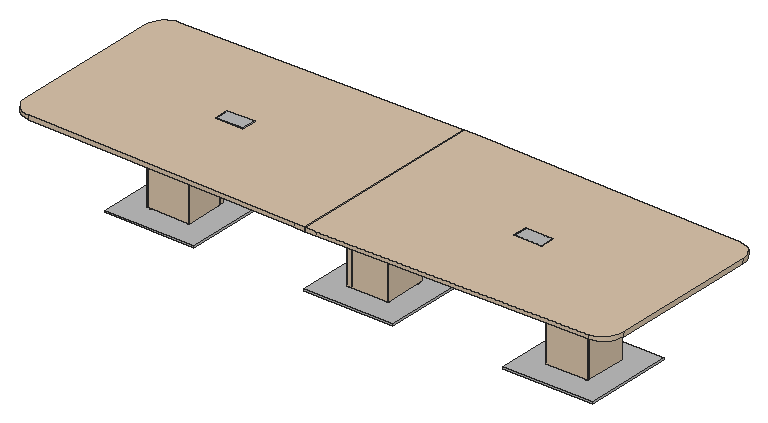
Revit family "Haworth_Planes_ColumnBaseConferenceTable_HexagonTwoPiece", category Furniture Systems, Revit 2018
Family settings
  Round Connector Dimension = Use Diameter
  Part Type = Normal
  OmniClass Number = 23.40.70.14.64.21
  OmniClass Title = Systems Furniture
  Work Plane-Based = No
  Always vertical = Yes
  Cut with Voids When Loaded = No
  Shared = No
  Room Calculation Point = No
Parameters (values of type "180w 60d")
  Worksurface Finish [instance] = Haworth _ Laminate _ Maple H-AE
  Worksurface Edge Finish [instance] = Haworth _ Laminate _ Maple H-AE
  Width = 180"
  Warranty = "http://www.haworth.com/resources/product-info/warranties"
  URL - Product = "http://www.haworth.com/products/tables/conference/planes"
  Trim Finish = Haworth _ Laminate _ Maple H-AE
  Sustainability Info = "http://media.haworth.com/asset/5175/Planes%20tables%20PEDS.pdf"
  Support Side Offset = 30"  # constant formula
  Opening Single Wide = no
  Opening Single = not(or(Opening Single Wide, Opening Double, Opening Double Wide))  # yes
  Opening Left/Right = not(Opening Center)  # no
  Opening Double Wide = no
  Opening Double = no
  Opening Center = yes
  Model = "TARX"  # constant formula
  Min. Depth = 42"  # constant formula
  Middle Leg Control = Actual Width > 168"  # yes
  Max. Depth = 60"  # constant formula
  URL = "www.haworth.com"
  Support Height = Actual Height - Table Thickness  # 27 13/16"
  Size = "Verify Final Dim. w/ Haworth"  # constant formula
  Revision Number = "1"  # constant formula
  Min/Max Width = "126-180 @ 6 in. increments"  # constant formula
  Standard Height = "21, 29, 41 in."  # constant formula
  Min. Width = 126"  # constant formula
  Max. Width = 180"  # constant formula
  Min. Height = 21"  # constant formula
  Max. Height = 41"  # constant formula
  Manufacturer = "Haworth"  # constant formula
  Knife Edge = not(Edgeband)  # no
  Height = 29"
  Fliptop Width = Cutout Width + 1/4"  # 8 1/4"
  Fliptop Side Vis. = and(Flip Top, [Opening Left/Right])  # no
  Fliptop Depth = Cutout Depth + 3/8"  # 4 3/8"
  Fliptop Center Vis. = and(Flip Top, Opening Center)  # yes
  Flip Top Finish = Haworth _ Paint _ Metallic Champagne
  Flip Top = yes
  Edgeband = yes
  Description = "Haworth - Planes - Column Base Conference Table - Hexagon - Two-Piece"  # constant formula
  Depth = 60"
  Cutout Width = if(or(Opening Single Wide, Opening Double Wide), 11", 8")  # 8"
  Cutout Side Offset = Actual Width / 8  # 22 1/2"
  Cutout Depth = if(or(Opening Double, Opening Double Wide), 7 11/16", 4")  # 4"
  Cutout Center Offset = Actual Width / 4  # 45"
  Cutout = yes
  Custom Size = not(and(or(Depth = 42", Depth = 48", Depth = 54", Depth = 60"), or(Width = 126", Width = 132", Width = 138", Width = 144", Width = 150", Width = 156", Width = 162", Width = 168", Width = 174", Width = 180")))  # no
  Base Finish = Haworth _ Paint _ Metallic Champagne
  Author = "Haworth (Alias)"  # constant formula
  Assembly Code = "E2020200"
  Actual Width = if(Width > Max. Width, Max. Width, if(Width < Min. Width, Min. Width, Width))  # 180"
  Actual Height = if(Height > Max. Height, Max. Height, if(Height < Min. Height, Min. Height, Height))  # 29"
  Table Thickness = 1 3/16"  # constant formula
  Standard Depths = "42, 48, 54, 60 in."  # constant formula
  Actual Depth = if(Depth > Max. Depth, Max. Depth, if(Depth < Min. Depth, Min. Depth, Depth))  # 60"
Reference planes (in)
  plane 1 "Center F/B": y = -0.15866
  plane 2 "Floor": z = 0
  plane 3 "Center L/R": x = 0
  plane 4 "Table Edge Left": x = -90
  plane 5 "Table Edge Right": x = 90
  plane 6 "Table Edge Back": y = -30.15866
  plane 7 "Table Edge Front": y = 29.84134
  plane 8 "Table TOp": z = 29
  plane 9 "Fliptop Left 2": x = -22.5
  plane 10 "Fliptop Center 1": x = -45
  plane 11 "Fliptop Left 1": x = -67.5
  plane 12 "Fliptop Right 2": x = 22.5
  plane 13 "Fliptop Center 2": x = 45
  plane 14 "Fliptop Right 1": x = 67.5
  plane 15 "Base Right": x = 60
  plane 16 "Base Left": x = -60
Dimensions and locks (in)
  "Actual Depth": plane 7 "Table Edge Front" to plane 6 "Table Edge Back"
  "Actual Width": plane 4 "Table Edge Left" to plane 5 "Table Edge Right"
  equal spacing: plane 4 "Table Edge Left", plane 3 "Center L/R", plane 5 "Table Edge Right"
  equal spacing: plane 7 "Table Edge Front", plane 1 "Center F/B", plane 6 "Table Edge Back"
  "Actual Height": plane 8 "Table TOp" to level
  "Cutout Side Offset": plane 9 "Fliptop Left 2" to plane 3 "Center L/R"
  "Cutout Side Offset": plane 3 "Center L/R" to plane 12 "Fliptop Right 2"
  "Cutout Side Offset": plane 14 "Fliptop Right 1" to plane 5 "Table Edge Right"
  "Cutout Side Offset": plane 4 "Table Edge Left" to plane 11 "Fliptop Left 1"
  "Cutout Center Offset": plane 10 "Fliptop Center 1" to plane 3 "Center L/R"
  "Cutout Center Offset": plane 3 "Center L/R" to plane 13 "Fliptop Center 2"
  "Support Side Offset": plane 15 "Base Right" to plane 5 "Table Edge Right"
  "Support Side Offset": plane 4 "Table Edge Left" to plane 16 "Base Left"
  aligned and locked: plane 2 "Floor" to nested 1
  aligned and locked: plane 3 "Center L/R" to nested 1
  aligned and locked: plane 1 "Center F/B" to nested 1
  aligned and locked: plane 11 "Fliptop Left 1" to nested 5
  aligned and locked: plane 1 "Center F/B" to nested 5
  aligned and locked: plane 1 "Center F/B" to nested 4
  aligned and locked: plane 1 "Center F/B" to nested 3
  aligned and locked: plane 1 "Center F/B" to nested 6
  aligned and locked: plane 1 "Center F/B" to nested 2
  aligned and locked: plane 1 "Center F/B" to nested 7
  aligned and locked: plane 10 "Fliptop Center 1" to nested 7
  aligned and locked: plane 13 "Fliptop Center 2" to nested 6
  aligned and locked: plane 14 "Fliptop Right 1" to nested 2
  aligned and locked: plane 12 "Fliptop Right 2" to nested 3
  aligned and locked: plane 9 "Fliptop Left 2" to nested 4
  aligned and locked: plane 2 "Floor" to nested 8
  aligned and locked: plane 1 "Center F/B" to nested 8
  aligned and locked: plane 3 "Center L/R" to nested 8
  aligned and locked: plane 2 "Floor" to nested 9
  aligned and locked: plane 2 "Floor" to nested 10
  aligned and locked: plane 1 "Center F/B" to nested 9
  aligned and locked: plane 1 "Center F/B" to nested 10
  aligned and locked: nested 10 to plane 16 "Base Left"
  aligned and locked: plane 15 "Base Right" to nested 9
Nested families (in)
  nested 1: "Haworth_Planes_Conference_Worksurface_HexagonTwoPiece_Part" at (0, -15.15866, 0), type "Worksurface"
    with Opening Side Vis. no, Opening Left/Right no, Knife Edge no, Cutout Side Dimension 1"
  nested 2: "Haworth_Worksurface_FlipTop_Unit_Part" at (66.92963, -0.21114, 29), built-in parameter 1001364 <- "Actual Height", visible <- "Fliptop Side Vis.", type "Flip Top"
  nested 3: "Haworth_Worksurface_FlipTop_Unit_Part" at (21.92963, -0.21114, 29), built-in parameter 1001364 <- "Actual Height", visible <- "Fliptop Side Vis.", type "Flip Top"
  nested 4: "Haworth_Worksurface_FlipTop_Unit_Part" at (-23.07037, -0.21114, 29), built-in parameter 1001364 <- "Actual Height", visible <- "Fliptop Side Vis.", type "Flip Top"
  nested 5: "Haworth_Worksurface_FlipTop_Unit_Part" at (-68.07037, -0.21114, 29), built-in parameter 1001364 <- "Actual Height", visible <- "Fliptop Side Vis.", type "Flip Top"
  nested 6: "Haworth_Worksurface_FlipTop_Unit_Part" at (44.42963, -0.21114, 29), built-in parameter 1001364 <- "Actual Height", visible <- "Fliptop Center Vis.", type "Flip Top"
  nested 7: "Haworth_Worksurface_FlipTop_Unit_Part" at (-45.57037, -0.21114, 29), built-in parameter 1001364 <- "Actual Height", visible <- "Fliptop Center Vis.", type "Flip Top"
  nested 8: "Haworth_Planes_ColumnBase_Part" at (0, -3.78366, 0), visible <- "Middle Leg Control", type "Square"
    with Actual Height 27 13/16"
  nested 9: "Haworth_Planes_ColumnBase_Part" at (60, -3.78366, 0), type "Square"
    with Actual Height 27 13/16"
  nested 10: "Haworth_Planes_ColumnBase_Part" at (-60, -3.78366, 0), type "Square"
    with Actual Height 27 13/16"
Definition of nested family "Haworth_Planes_Conference_Worksurface_HexagonTwoPiece_Part"
  Parameters (values of type "Worksurface")
    Warranty = "https://www.haworth.com/resources/product-info/warranties"
    URL - Product = "https://www.haworth.com/products/tables/conference/planes"
    URL = "www.haworth.com"
    Table Thickness = 1 3/16"  # constant formula
    Table Finish = none
    Table Edge Finish = none
    Side Cutout Offset = Actual Width / 8  # 22 1/2"
    Revision Number = ""
    Opening Side Vis. = and(Cutout, [Opening Left/Right])  # yes
    Opening Left/Right = yes
    Opening Center Vis. = and(Cutout, Opening Center)  # yes
    Opening Center = yes
    Note = "Verify Final Dim. w/ Haworth"  # constant formula
    Model = "TARX"  # constant formula
    Manufacturer = "Haworth"  # constant formula
    Knife Edge = yes
    Edgeband = yes
    Description = "Haworth - Planes Conference Worksurface - Part"
    Cutout Width = 8"
    Cutout Side Dimension = if(and(Cutout, [Opening Left/Right]), 3", 1")  # 3"
    Cutout Center Dimension = if(and(Cutout, Opening Center), 3", 1")  # 3"
    Cutout Depth = 4"
    Cutout = yes
    Center Cutout Offset = Actual Width / 4  # 45"
    Author = "Haworth (Alias)"  # constant formula
    Assembly Code = ""
    Actual Width = 180"
    Actual Height = 29"
    Actual Depth = 60"
  Reference planes (in)
    plane 1 "Center F/B": y = 15
    plane 2 "Bottom": z = 0
    plane 3 "Center L/R": x = 0
    plane 4 "Table Front": y = 45
    plane 5 "Table Right": x = 90
    plane 6 "Table Left": x = -90
    plane 7 "Table Back": y = -15
    plane 8 "Table Top": z = 29
    plane 9 "Table Bottom": z = 27.8125
    plane 10 "Cutout Top": z = 30
    plane 11 "Cutout Center Bottom": z = 27
    plane 12 "KnifeEdge Middle": z = 28.625
    plane 13 "Cutout Center": x = -45
    plane 14 "Cutout Left 1": x = -67.5
    plane 15 "Cutout Left 2": x = -22.5
    plane 16 "Cutout Right 2": x = 22.5
    plane 17 "Cutout Center 2": x = 45
    plane 18 "Cutout Right 1": x = 67.5
    plane 19 "Cutout Side Bottom": z = 27
  Forms (in)
    Extrusion 1, solid, material <- "Table Finish", visible <- "Edgeband"
      sketch origin (0, 0, 0) x (1, 0, 0) y (0, 1, 0)
        loop
          line (90, -7.45259) -> (90, 37.45259)
          arc (90, 37.45259) -> (88.3202, 41.61623) -> (84.22137, 43.44851) r 6
          line (84.22137, 43.44851) -> (3.27451, 44.91058)
          arc (3.27451, 44.91058) -> (1.63787, 44.97764) -> (0, 45) r 60
          line (0, 45) -> (0, -15)
          arc (0, -15) -> (1.63787, -14.97764) -> (3.27451, -14.91058) r 60
          line (3.27451, -14.91058) -> (84.22137, -13.44851)
          arc (84.22137, -13.44851) -> (88.3202, -11.61623) -> (90, -7.45259) r 6
      from 27.8125 to 29
    Extrusion 2, void
      sketch origin (0, 0, 29) x (-1, 0, 0) y (0, -1, 0)
        loop
          line (49, -17) -> (49, -13) -> (41, -13) -> (41, -17) -> (49, -17)
        loop
          line (-41, -17) -> (-41, -13) -> (-49, -13) -> (-49, -17) -> (-41, -17)
      from -2 to 1
    Extrusion 3, solid, material <- "Table Finish", visible <- "Knife Edge"
      sketch origin (0, 0, 0) x (1, 0, 0) y (0, 1, 0)
        loop
          line (90, -7.45259) -> (90, 37.45259)
          arc (90, 37.45259) -> (88.3202, 41.61623) -> (84.22137, 43.44851) r 6
          line (84.22137, 43.44851) -> (3.27451, 44.91058)
          arc (3.27451, 44.91058) -> (1.63787, 44.97764) -> (0, 45) r 60
          line (0, 45) -> (0, -15)
          arc (0, -15) -> (1.63787, -14.97764) -> (3.27451, -14.91058) r 60
          line (3.27451, -14.91058) -> (84.22137, -13.44851)
          arc (84.22137, -13.44851) -> (88.3202, -11.61623) -> (90, -7.45259) r 6
      from 28.625 to 29
    Blend 4, solid, material <- "Table Finish", visible <- "Knife Edge"
      base sketch origin (0, 0, 0) x (1, 0, 0) y (0, 1, 0)
        loop
          arc (0, -12.97661) -> (1.6121, -12.95419) -> (3.22295, -12.88695) r 57.97661
          line (3.22295, -12.88695) -> (84.29226, -11.44453)
          arc (84.29226, -11.44453) -> (86.92994, -10.17836) -> (88, -7.45522) r 4
          line (88, -7.45522) -> (88, 37.45522)
          arc (88, 37.45522) -> (86.92994, 40.17836) -> (84.29226, 41.44453) r 4
          line (84.29226, 41.44453) -> (3.22295, 42.88695)
          arc (3.22295, 42.88695) -> (1.6121, 42.95419) -> (0, 42.97661) r 57.97661
          line (0, 42.97661) -> (0, -12.97661)
      top sketch origin (0, 0, 0) x (1, 0, 0) y (0, 1, 0)
        loop
          arc (90, 37.45522) -> (88.3813, 41.55451) -> (84.3986, 43.44196) r 6
          line (84.3986, 43.44196) -> (3.27593, 44.9105)
          arc (3.27593, 44.9105) -> (1.63858, 44.97762) -> (0, 45) r 60
          line (0, 45) -> (0, -15)
          arc (0, -15) -> (1.63858, -14.97762) -> (3.27593, -14.9105) r 60
          line (3.27593, -14.9105) -> (84.3986, -13.44196)
          arc (84.3986, -13.44196) -> (88.3813, -11.55451) -> (90, -7.45522) r 6
          line (90, -7.45522) -> (90, 37.45522)
      from 27.8125 to 28.625
    Extrusion 5, solid, material <- "Table Finish", visible <- "Edgeband"
      sketch origin (0, 0, 0) x (1, 0, 0) y (0, 1, 0)
        loop
          line (-90, 37.45259) -> (-90, -7.45259)
          arc (-90, -7.45259) -> (-88.3202, -11.61623) -> (-84.22137, -13.44851) r 6
          line (-84.22137, -13.44851) -> (-3.27451, -14.91058)
          arc (-3.27451, -14.91058) -> (-1.63787, -14.97764) -> (0, -15) r 60
          line (0, -15) -> (0, 45)
          arc (0, 45) -> (-1.63787, 44.97764) -> (-3.27451, 44.91058) r 60
          line (-3.27451, 44.91058) -> (-84.22137, 43.44851)
          arc (-84.22137, 43.44851) -> (-88.3202, 41.61623) -> (-90, 37.45259) r 6
      from 27.8125 to 29
    Extrusion 6, solid, material <- "Table Finish", visible <- "Knife Edge"
      sketch origin (0, 0, 0) x (1, 0, 0) y (0, 1, 0)
        loop
          line (-90, 37.45259) -> (-90, -7.45259)
          arc (-90, -7.45259) -> (-88.3202, -11.61623) -> (-84.22137, -13.44851) r 6
          line (-84.22137, -13.44851) -> (-3.27451, -14.91058)
          arc (-3.27451, -14.91058) -> (-1.63787, -14.97764) -> (0, -15) r 60
          line (0, -15) -> (0, 45)
          arc (0, 45) -> (-1.63787, 44.97764) -> (-3.27451, 44.91058) r 60
          line (-3.27451, 44.91058) -> (-84.22137, 43.44851)
          arc (-84.22137, 43.44851) -> (-88.3202, 41.61623) -> (-90, 37.45259) r 6
      from 28.625 to 29
    Blend 7, solid, material <- "Table Finish", visible <- "Knife Edge"
      base sketch origin (0, 0, 0) x (1, 0, 0) y (0, 1, 0)
        loop
          line (-3.22295, 42.88695) -> (-84.29226, 41.44453)
          arc (-84.29226, 41.44453) -> (-86.92994, 40.17836) -> (-88, 37.45522) r 4
          line (-88, 37.45522) -> (-88, -7.45522)
          arc (-88, -7.45522) -> (-86.92994, -10.17836) -> (-84.29226, -11.44453) r 4
          line (-84.29226, -11.44453) -> (-3.22295, -12.88695)
          arc (-3.22295, -12.88695) -> (-1.6121, -12.95419) -> (0, -12.97661) r 57.97661
          line (0, -12.97661) -> (0, 42.97661)
          arc (0, 42.97661) -> (-1.6121, 42.95419) -> (-3.22295, 42.88695) r 57.97661
      top sketch origin (0, 0, 0) x (1, 0, 0) y (0, 1, 0)
        loop
          arc (0, 45) -> (-1.63858, 44.97762) -> (-3.27593, 44.9105) r 60
          line (-3.27593, 44.9105) -> (-84.3986, 43.44196)
          arc (-84.3986, 43.44196) -> (-88.3813, 41.55451) -> (-90, 37.45522) r 6
          line (-90, 37.45522) -> (-90, -7.45522)
          arc (-90, -7.45522) -> (-88.3813, -11.55451) -> (-84.3986, -13.44196) r 6
          line (-84.3986, -13.44196) -> (-3.27593, -14.9105)
          arc (-3.27593, -14.9105) -> (-1.63858, -14.97762) -> (0, -15) r 60
          line (0, -15) -> (0, 45)
      from 27.8125 to 28.625
    Extrusion 8, void
      sketch origin (0, 0, 0) x (1, 0, 0) y (0, 1, 0)
        loop
          line (-71.5, 17) -> (-71.5, 13) -> (-63.5, 13) -> (-63.5, 17) -> (-71.5, 17)
        loop
          line (-26.5, 17) -> (-26.5, 13) -> (-18.5, 13) -> (-18.5, 17) -> (-26.5, 17)
        loop
          line (18.5, 17) -> (18.5, 13) -> (26.5, 13) -> (26.5, 17) -> (18.5, 17)
        loop
          line (63.5, 17) -> (63.5, 13) -> (71.5, 13) -> (71.5, 17) -> (63.5, 17)
      from 27 to 30
  Cuts and joins
    Extrusion 2, Extrusion 8 cuts Extrusion 1
    Extrusion 2, Extrusion 8 cuts Extrusion 3
    Extrusion 2, Extrusion 8 cuts Blend 4
    Extrusion 2, Extrusion 8 cuts Extrusion 6
    Extrusion 2, Extrusion 8 cuts Extrusion 5
    Extrusion 2, Extrusion 8 cuts Blend 7
  Lines and regions (in)
    Masking region 1
      outline origin (0, 0, 0) x (1, 0, 0) y (0, 1, 0)
        loop
          line (-1.99299, 44.93373) -> (-84.3986, 43.44196)
          arc (-84.3986, 43.44196) -> (-88.3813, 41.55451) -> (-90, 37.45522) r 6
          line (-90, 37.45522) -> (-90, -7.45522)
          arc (-90, -7.45522) -> (-88.3813, -11.55451) -> (-84.3986, -13.44196) r 6
          line (-84.3986, -13.44196) -> (-1.99299, -14.93373)
          arc (-1.99299, -14.93373) -> (0, -14.96685) -> (1.99299, -14.93373) r 59.96685
          line (1.99299, -14.93373) -> (84.3986, -13.44196)
          arc (84.3986, -13.44196) -> (88.3813, -11.55451) -> (90, -7.45522) r 6
          line (90, -7.45522) -> (90, 37.45522)
          arc (90, 37.45522) -> (88.3813, 41.55451) -> (84.3986, 43.44196) r 6
          line (84.3986, 43.44196) -> (1.99299, 44.93373)
          arc (1.99299, 44.93373) -> (0, 44.96685) -> (-1.99299, 44.93373) r 59.96685
    symbolic lines, visible <- "Knife Edge", detail levels medium+fine
      curve 1: arc (-88, 37.45522, 0) -> (-86.92994, 40.17836, 0) -> (-84.29226, 41.44453, 0) r 4
      curve 2: line (-84.29226, 41.44453, 0) -> (1.16165, 42.96497, 0)
      curve 3: arc (1.16165, 42.96497, 0) -> (2.19265, 42.93513, 0) -> (3.22295, 42.88695, 0) r 57.97661
      curve 4: line (3.22295, 42.88695, 0) -> (83.84984, 41.4524, 0)
      curve 5: arc (83.84984, 41.4524, 0) -> (86.77483, 40.33624, 0) -> (88, 37.45522, 0) r 4
      curve 6: line (88, 37.45522, 0) -> (88, -7.45522, 0)
      curve 7: arc (88, -7.45522, 0) -> (86.92994, -10.17836, 0) -> (84.29226, -11.44453, 0) r 4
      curve 8: line (84.29226, -11.44453, 0) -> (-1.16165, -12.96497, 0)
      curve 9: arc (-1.16165, -12.96497, 0) -> (-2.19265, -12.93513, 0) -> (-3.22295, -12.88695, 0) r 57.97661
      curve 10: line (-3.22295, -12.88695, 0) -> (-84.29226, -11.44453, 0)
      curve 11: arc (-84.29226, -11.44453, 0) -> (-86.92994, -10.17836, 0) -> (-88, -7.45522, 0) r 4
      curve 12: line (-88, -7.45522, 0) -> (-88, 37.45522, 0)
    symbolic lines, visible <- "Opening Side Vis."
      curve 13: line (-63.5, 13, 0) -> (-71.5, 13, 0)
      curve 14: line (-71.5, 13, 0) -> (-71.5, 17, 0)
      curve 15: line (-71.5, 17, 0) -> (-63.5, 17, 0)
      curve 16: line (-63.5, 17, 0) -> (-63.5, 13, 0)
      curve 21: line (-26.5, 13, 0) -> (-26.5, 17, 0)
      curve 22: line (-26.5, 17, 0) -> (-18.5, 17, 0)
      curve 23: line (-18.5, 17, 0) -> (-18.5, 13, 0)
      curve 24: line (-18.5, 13, 0) -> (-26.5, 13, 0)
      curve 25: line (26.5, 13, 0) -> (18.5, 13, 0)
      curve 26: line (18.5, 13, 0) -> (18.5, 17, 0)
      curve 27: line (18.5, 17, 0) -> (26.5, 17, 0)
      curve 28: line (26.5, 17, 0) -> (26.5, 13, 0)
      curve 33: line (71.5, 13, 0) -> (63.5, 13, 0)
      curve 34: line (63.5, 13, 0) -> (63.5, 17, 0)
      curve 35: line (63.5, 17, 0) -> (71.5, 17, 0)
      curve 36: line (71.5, 17, 0) -> (71.5, 13, 0)
    symbolic lines, visible <- "Opening Center Vis."
      curve 17: line (-41, 13, 0) -> (-49, 13, 0)
      curve 18: line (-49, 13, 0) -> (-49, 17, 0)
      curve 19: line (-49, 17, 0) -> (-41, 17, 0)
      curve 20: line (-41, 17, 0) -> (-41, 13, 0)
      curve 29: line (49, 13, 0) -> (41, 13, 0)
      curve 30: line (41, 13, 0) -> (41, 17, 0)
      curve 31: line (41, 17, 0) -> (49, 17, 0)
      curve 32: line (49, 17, 0) -> (49, 13, 0)
    symbolic lines
      curve 37: line (0, 45, 0) -> (0, -15, 0)
  Dimensions and locks (in)
    "Actual Depth": plane 7 "Table Back" to plane 4 "Table Front"
    "Actual Width": plane 6 "Table Left" to plane 5 "Table Right"
    equal spacing: plane 6 "Table Left", plane 3 "Center L/R", plane 5 "Table Right"
    equal spacing: plane 4 "Table Front", plane 1 "Center F/B", plane 7 "Table Back"
    "Table Thickness": plane 8 "Table Top" to plane 9 "Table Bottom"
    "Actual Height": plane 8 "Table Top" to level
    "Cutout Center Dimension": plane 10 "Cutout Top" to plane 11 "Cutout Center Bottom"
    locked: plane 10 "Cutout Top" to plane 8 "Table Top" at 1
    locked: plane 8 "Table Top" to plane 12 "KnifeEdge Middle" at 0.375
    "Actual Depth": plane 7 "Table Back" to Extrusion 1 sketch curve
    "Actual Depth": plane 4 "Table Front" to Extrusion 1 sketch curve
    "Actual Depth": plane 7 "Table Back" to Masking region 1 sketch curve
    "Actual Depth": plane 4 "Table Front" to Masking region 1 sketch curve
    "Actual Depth": plane 7 "Table Back" to Extrusion 3 sketch curve
    "Actual Depth": plane 4 "Table Front" to Extrusion 3 sketch curve
    locked: Blend 4 sketch curve to plane 5 "Table Right" at 2
    "Actual Depth": plane 7 "Table Back" to Blend 4 sketch curve  (x2)
    "Actual Depth": plane 4 "Table Front" to Blend 4 sketch curve  (x2)
    "Actual Depth": plane 7 "Table Back" to Extrusion 5 sketch curve
    "Actual Depth": plane 4 "Table Front" to Extrusion 5 sketch curve
    "Actual Depth": plane 7 "Table Back" to Extrusion 6 sketch curve
    "Actual Depth": plane 4 "Table Front" to Extrusion 6 sketch curve
    "Actual Depth": plane 7 "Table Back" to Blend 7 sketch curve  (x2)
    "Actual Depth": plane 4 "Table Front" to Blend 7 sketch curve  (x2)
    locked: plane 6 "Table Left" to Blend 7 sketch curve at 2
    "Cutout Width": Extrusion 2 sketch curve to Extrusion 2 sketch curve  (x2)
    "Cutout Depth": Extrusion 2 sketch curve to Extrusion 2 sketch curve  (x2)
    equal spacing: Extrusion 2 sketch curve, plane 1 "Center F/B", Extrusion 2 sketch curve  (x2)
    equal spacing: Extrusion 2 sketch curve, plane 13 "Cutout Center", Extrusion 2 sketch curve
    equal spacing: Extrusion 2 sketch curve, plane 17 "Cutout Center 2", Extrusion 2 sketch curve
    "Center Cutout Offset": plane 13 "Cutout Center" to plane 3 "Center L/R"
    "Center Cutout Offset": plane 3 "Center L/R" to plane 17 "Cutout Center 2"
    "Side Cutout Offset": plane 15 "Cutout Left 2" to plane 3 "Center L/R"
    "Side Cutout Offset": plane 3 "Center L/R" to plane 16 "Cutout Right 2"
    "Side Cutout Offset": plane 6 "Table Left" to plane 14 "Cutout Left 1"
    "Side Cutout Offset": plane 18 "Cutout Right 1" to plane 5 "Table Right"
    "Cutout Side Dimension": plane 10 "Cutout Top" to plane 19 "Cutout Side Bottom"
    equal spacing: Extrusion 8 sketch curve, plane 1 "Center F/B", Extrusion 8 sketch curve  (x4)
    "Cutout Depth": Extrusion 8 sketch curve to Extrusion 8 sketch curve  (x4)
    equal spacing: Extrusion 8 sketch curve, plane 14 "Cutout Left 1", Extrusion 8 sketch curve
    "Cutout Width": Extrusion 8 sketch curve to Extrusion 8 sketch curve  (x4)
    equal spacing: Extrusion 8 sketch curve, plane 15 "Cutout Left 2", Extrusion 8 sketch curve
    equal spacing: Extrusion 8 sketch curve, plane 16 "Cutout Right 2", Extrusion 8 sketch curve
    equal spacing: Extrusion 8 sketch curve, plane 18 "Cutout Right 1", Extrusion 8 sketch curve
    aligned and locked: plane 8 "Table Top" to Extrusion 1
    aligned and locked: Extrusion 1 to plane 9 "Table Bottom"
    aligned and locked: Extrusion 1 sketch curve to plane 5 "Table Right"
    aligned and locked: Extrusion 2 to plane 11 "Cutout Center Bottom"
    aligned and locked: Extrusion 2 to plane 10 "Cutout Top"
    aligned and locked: Masking region 1 sketch curve to plane 6 "Table Left"
    aligned and locked: Masking region 1 sketch curve to plane 5 "Table Right"
    aligned and locked: plane 3 "Center L/R" to Masking region 1 sketch curve  (x2)
    aligned and locked: Extrusion 3 sketch curve to plane 5 "Table Right"
    aligned and locked: plane 8 "Table Top" to Extrusion 3
    aligned and locked: plane 12 "KnifeEdge Middle" to Extrusion 3
    aligned and locked: Blend 4 sketch curve to plane 5 "Table Right"
    aligned and locked: Blend 4 to plane 12 "KnifeEdge Middle"
    aligned and locked: Blend 4 to plane 9 "Table Bottom"
    aligned and locked: curve 3 to Blend 4
    aligned and locked: Blend 4 to curve 4
    aligned and locked: curve 5 to Blend 4
    aligned and locked: curve 7 to Blend 4
    aligned and locked: Blend 4 to curve 8
    aligned and locked: curve 9 to Blend 4
    aligned and locked: Extrusion 5 sketch curve to plane 6 "Table Left"
    aligned and locked: Extrusion 5 sketch curve to plane 3 "Center L/R"
    aligned and locked: Extrusion 6 sketch curve to plane 6 "Table Left"
    aligned and locked: Extrusion 6 sketch curve to plane 3 "Center L/R"
    aligned and locked: Extrusion 1 sketch curve to plane 3 "Center L/R"
    aligned and locked: Extrusion 3 sketch curve to plane 3 "Center L/R"
    aligned and locked: Blend 7 sketch curve to plane 6 "Table Left"
    aligned and locked: Blend 7 sketch curve to plane 3 "Center L/R"  (x2)
    aligned and locked: Blend 4 sketch curve to plane 3 "Center L/R"  (x2)
    aligned and locked: Extrusion 8 to plane 10 "Cutout Top"
    aligned and locked: Extrusion 8 to plane 19 "Cutout Side Bottom"
    aligned and locked: curve 13 to cut or joined group of Extrusion 2, Extrusion 5, Extrusion 8
    aligned and locked: curve 14 to cut or joined group of Extrusion 2, Extrusion 5, Extrusion 8
    aligned and locked: curve 15 to cut or joined group of Extrusion 2, Extrusion 5, Extrusion 8
    aligned and locked: curve 16 to cut or joined group of Extrusion 2, Extrusion 5, Extrusion 8
    aligned and locked: curve 17 to cut or joined group of Extrusion 2, Extrusion 5, Extrusion 8
    aligned and locked: curve 18 to cut or joined group of Extrusion 2, Extrusion 5, Extrusion 8
    aligned and locked: curve 19 to cut or joined group of Extrusion 2, Extrusion 5, Extrusion 8
    aligned and locked: curve 20 to cut or joined group of Extrusion 2, Extrusion 5, Extrusion 8
    aligned and locked: curve 21 to cut or joined group of Extrusion 2, Extrusion 5, Extrusion 8
    aligned and locked: curve 22 to cut or joined group of Extrusion 2, Extrusion 5, Extrusion 8
    aligned and locked: curve 23 to cut or joined group of Extrusion 2, Extrusion 5, Extrusion 8
    aligned and locked: curve 24 to cut or joined group of Extrusion 2, Extrusion 5, Extrusion 8
    aligned and locked: curve 25 to cut or joined group of Extrusion 2, Extrusion 3, Extrusion 8
    aligned and locked: curve 26 to cut or joined group of Extrusion 2, Extrusion 3, Extrusion 8
    aligned and locked: curve 27 to cut or joined group of Extrusion 2, Extrusion 3, Extrusion 8
    aligned and locked: curve 28 to cut or joined group of Extrusion 2, Extrusion 3, Extrusion 8
    aligned and locked: curve 29 to cut or joined group of Extrusion 2, Extrusion 3, Extrusion 8
    aligned and locked: curve 30 to cut or joined group of Extrusion 2, Extrusion 3, Extrusion 8
    aligned and locked: curve 31 to cut or joined group of Extrusion 2, Extrusion 3, Extrusion 8
    aligned and locked: curve 32 to cut or joined group of Extrusion 2, Extrusion 3, Extrusion 8
    aligned and locked: curve 33 to cut or joined group of Extrusion 2, Extrusion 3, Extrusion 8
    aligned and locked: curve 34 to cut or joined group of Extrusion 2, Extrusion 3, Extrusion 8
    aligned and locked: curve 35 to cut or joined group of Extrusion 2, Extrusion 3, Extrusion 8
    aligned and locked: curve 36 to cut or joined group of Extrusion 2, Extrusion 3, Extrusion 8
    aligned and locked: plane 3 "Center L/R" to cut or joined group of Extrusion 2, Extrusion 5, Extrusion 8
    aligned and locked: plane 8 "Table Top" to Extrusion 6
    aligned and locked: Extrusion 6 to plane 12 "KnifeEdge Middle"
    aligned and locked: plane 8 "Table Top" to Extrusion 5
    aligned and locked: Extrusion 5 to plane 9 "Table Bottom"
    aligned and locked: Blend 7 to plane 12 "KnifeEdge Middle"
    aligned and locked: Blend 7 to plane 9 "Table Bottom"
  Automatic sketch dimensions
    plane 7 "Table Back" to Extrusion 1 sketch curve = 0"
    Extrusion 1 sketch curve to plane 4 "Table Front" = 0"
    Extrusion 1 sketch curve to plane 7 "Table Back" = 0.08942"
    Extrusion 1 sketch curve to plane 4 "Table Front" = 0.08942"
    plane 5 "Table Right" to Extrusion 1 sketch curve = 6"  (x2)
    Extrusion 1 sketch curve to plane 4 "Table Front" = 1.55149"
    plane 5 "Table Right" to Extrusion 1 sketch curve = 5.77863"  (x2)
    Extrusion 1 sketch curve to plane 7 "Table Back" = 1.55149"
    Masking region 1 sketch curve to plane 7 "Table Back" = 1.55804"  (x2)
    plane 6 "Table Left" to Masking region 1 sketch curve = 5.6014"  (x2)
    Masking region 1 sketch curve to plane 4 "Table Front" = 1.55804"  (x2)
    Masking region 1 sketch curve to Masking region 1 sketch curve = 6"  (x3)
    Masking region 1 sketch curve to Masking region 1 sketch curve = 0.3986"
    Masking region 1 sketch curve to plane 4 "Table Front" = 0.06627"  (x2)
    Masking region 1 sketch curve to plane 3 "Center L/R" = 1.99299"  (x2)
    Masking region 1 sketch curve to plane 7 "Table Back" = 0.06627"  (x2)
    plane 5 "Table Right" to Masking region 1 sketch curve = 5.6014"  (x2)
    plane 7 "Table Back" to Extrusion 3 sketch curve = 0"
    Extrusion 3 sketch curve to plane 4 "Table Front" = 0"
    Extrusion 3 sketch curve to plane 7 "Table Back" = 0.08942"
    Extrusion 3 sketch curve to plane 4 "Table Front" = 0.08942"
    Extrusion 3 sketch curve to Extrusion 3 sketch curve = 6"  (x2)
    Extrusion 3 sketch curve to plane 4 "Table Front" = 1.55149"
    plane 5 "Table Right" to Extrusion 3 sketch curve = 5.77863"  (x2)
    Extrusion 3 sketch curve to plane 7 "Table Back" = 1.55149"
    plane 7 "Table Back" to Extrusion 5 sketch curve = 0"
    Extrusion 5 sketch curve to plane 4 "Table Front" = 0"
    Extrusion 5 sketch curve to plane 4 "Table Front" = 1.55149"
    plane 6 "Table Left" to Extrusion 5 sketch curve = 5.77863"  (x2)
    Extrusion 5 sketch curve to plane 7 "Table Back" = 1.55149"
    Extrusion 5 sketch curve to Extrusion 5 sketch curve = 6"  (x2)
    Extrusion 5 sketch curve to plane 7 "Table Back" = 0.08942"
    Extrusion 5 sketch curve to plane 4 "Table Front" = 0.08942"
    plane 7 "Table Back" to Extrusion 6 sketch curve = 0"
    Extrusion 6 sketch curve to plane 4 "Table Front" = 0"
    Extrusion 6 sketch curve to plane 4 "Table Front" = 1.55149"
    plane 6 "Table Left" to Extrusion 6 sketch curve = 5.77863"  (x2)
    Extrusion 6 sketch curve to plane 7 "Table Back" = 1.55149"
    Extrusion 6 sketch curve to Extrusion 6 sketch curve = 6"  (x2)
    Extrusion 6 sketch curve to plane 7 "Table Back" = 0.08942"
    Extrusion 6 sketch curve to plane 4 "Table Front" = 0.08942"
    Blend 7 sketch curve to plane 4 "Table Front" = 1.55804"
    plane 6 "Table Left" to Blend 7 sketch curve = 5.6014"  (x2)
    Blend 7 sketch curve to plane 7 "Table Back" = 1.55804"
    Blend 7 sketch curve to Blend 7 sketch curve = 6"  (x2)
    Blend 7 sketch curve to plane 4 "Table Front" = 0.0895"
    Blend 7 sketch curve to plane 7 "Table Back" = 0.0895"
    Blend 7 sketch curve to plane 7 "Table Back" = 0"
    Blend 7 sketch curve to Blend 7 sketch curve = 0"
    plane 6 "Table Left" to Blend 7 sketch curve = 6"  (x2)
    Blend 7 sketch curve to Blend 7 sketch curve = 0.29226"  (x2)
    Blend 7 sketch curve to plane 4 "Table Front" = 3.55547"
    Blend 7 sketch curve to plane 7 "Table Back" = 2.11305"
    Blend 7 sketch curve to plane 7 "Table Back" = 3.55547"
    Blend 7 sketch curve to Blend 7 sketch curve = 2.02339"
    Blend 7 sketch curve to plane 4 "Table Front" = 2.11305"
    Blend 7 sketch curve to plane 3 "Center L/R" = 3.22295"
    Blend 4 sketch curve to Blend 4 sketch curve = 4"  (x2)
    Blend 4 sketch curve to Blend 4 sketch curve = 0.29226"  (x2)
    Blend 4 sketch curve to plane 7 "Table Back" = 3.55547"
    Blend 4 sketch curve to plane 4 "Table Front" = 7.54478"
    Blend 4 sketch curve to plane 4 "Table Front" = 2.11305"
    Blend 4 sketch curve to Blend 4 sketch curve = 0.08965"  (x2)
    Blend 4 sketch curve to plane 7 "Table Back" = 2.11305"
    Blend 4 sketch curve to plane 4 "Table Front" = 0.0895"
    Blend 4 sketch curve to plane 7 "Table Back" = 0.0895"
    Blend 4 sketch curve to Blend 4 sketch curve = 6"  (x2)
    Blend 4 sketch curve to plane 7 "Table Back" = 1.55804"
    plane 5 "Table Right" to Blend 4 sketch curve = 5.6014"  (x2)
    Blend 4 sketch curve to plane 4 "Table Front" = 1.55804"
    Blend 4 sketch curve to plane 7 "Table Back" = 0"
    Blend 4 sketch curve to Blend 4 sketch curve = 0"
    curve 37 to plane 3 "Center L/R" = 0"
    plane 7 "Table Back" to curve 37 = 0"
    curve 37 to plane 4 "Table Front" = 0"
    plane 6 "Table Left" to curve 1 = 6"
    plane 6 "Table Left" to curve 11 = 6"
    curve 2 to plane 4 "Table Front" = 3.55547"
    curve 2 to curve 1 = 0.29226"
    curve 10 to plane 7 "Table Back" = 3.55547"
    curve 10 to curve 11 = 0.29226"
    plane 6 "Table Left" to curve 12 = 2"
    curve 10 to plane 7 "Table Back" = 2.11305"
    plane 3 "Center L/R" to curve 2 = 1.16165"
Definition of nested family "Haworth_Worksurface_FlipTop_Unit_Part"
  Parameters (values of type "Flip Top")
    Warranty = "https://www.haworth.com/resources/product-info/warranties"
    URL - Product = "https://www.haworth.com/products/tables/conference/planes"
    URL = "www.haworth.com"
    Sustainability Info = "https://www.haworth.com/company-info/sustainability"
    Size = "Verify Final Dim. w/ Haworth"  # constant formula
    Revision Number = "2"  # constant formula
    Model = "Haworth_Worksurface-Flip_Top_Unit"  # constant formula
    Manufacturer = "Haworth"  # constant formula
    LEED Data = "www.haworth.com/_layouts/Haworth.ProductCatalog/Handlers/GetAsset.ashx/ComposeLEEDContributions.pdf?cid=27&rid=1824&type=Leed"
    Flip Top Finish = none
    Description = "Haworth Worksurface-Flip Top Unit - Part"
    Default Elevation = 48"
    Author = "Haworth (Alias), SHAPE Environments, LLC"  # constant formula
    Assembly Code = "E2020200"
    Actual Width = 8 1/4"
    Actual Depth = 4 3/8"
  Reference planes (in)
    plane 1 "Center F/B": y = 0.05249
    plane 2: z = 0
    plane 3 "Center L/R": x = 0.57037
    plane 4 "Back": y = 2.23999
    plane 5 "Right": x = 4.69537
    plane 6 "Front": y = -2.13501
    plane 7 "Left": x = -3.55463
    plane 8 "Table Height": z = 0
  Forms (in)
    Extrusion 1, solid, material <- "Flip Top Finish"
      sketch origin (0, 0, 0) x (-1, 0, 0) y (0, -1, 0)
        loop
          line (3.55463, -2.23999) -> (3.55463, 2.13501) -> (-4.69537, 2.13501) -> (-4.69537, -2.23999) -> (3.55463, -2.23999)
      from 0 to 0.125
    Extrusion 2, solid, material <- "Flip Top Finish"
      sketch origin (0, 0, 0) x (-1, 0, 0) y (0, -1, 0)
        loop
          line (3.42963, -2.05249) -> (3.42963, 1.94751) -> (-4.57037, 1.94751) -> (-4.57037, -2.05249) -> (3.42963, -2.05249)
      from 0 to -2.75
  Cuts and joins
    joined: Extrusion 1, Extrusion 2
  Lines and regions (in)
    Masking region 1
      outline origin (0, 0, 0) x (1, 0, 0) y (0, 1, 0)
        loop
          line (-3.55463, 2.23999) -> (-3.55463, -2.13501) -> (4.69537, -2.13501) -> (4.69537, 2.23999) -> (-3.55463, 2.23999)
  Dimensions and locks (in)
    equal spacing: plane 7 "Left", plane 3 "Center L/R", plane 5 "Right"
    "Actual Width": plane 7 "Left" to plane 5 "Right"
    equal spacing: plane 6 "Front", plane 1 "Center F/B", plane 4 "Back"
    "Actual Depth": plane 4 "Back" to plane 6 "Front"
    plane 7 "Left" to Extrusion 2 sketch curve = 1/8"
    plane 4 "Back" to Extrusion 2 sketch curve = 3/16"
    Extrusion 2 sketch curve to plane 5 "Right" = 1/8"
    Extrusion 2 sketch curve to plane 6 "Front" = 3/16"
    locked: plane 8 "Table Height" to level
    aligned and locked: plane 7 "Left" to Extrusion 1 sketch curve
    aligned and locked: Extrusion 1 sketch curve to plane 4 "Back"
    aligned and locked: plane 6 "Front" to Extrusion 1 sketch curve
    aligned and locked: Extrusion 1 sketch curve to plane 5 "Right"
    aligned and locked: Masking region 1 sketch curve to cut or joined group of Extrusion 1, Extrusion 2  (x3)
    aligned and locked: cut or joined group of Extrusion 1, Extrusion 2 to Masking region 1 sketch curve
Definition of nested family "Haworth_Planes_ColumnBase_Part"
  Parameters (values of type "Square")
    Warranty = "http://www.haworth.com/resources/product-info/warranties"
    URL - Product = "http://www.haworth.com/products/tables/conference/planes"
    URL = "www.haworth.com"
    Trim Finish = none
    Top Gap = 1 1/2"  # constant formula
    Sustainability Info = "http://www.haworth.com/company-info/sustainablility"
    Support Finish = none
    Size = "Verify Final Dim. w/ Haworth"  # constant formula
    Revision Number = "2"  # constant formula
    Model = "Haworth - Planes - Enhanced Column Base - LIMITED"  # constant formula
    Min. Height = 27"  # constant formula
    Max. Height = 36"  # constant formula
    Manufacturer = "Haworth"  # constant formula
    Description = "Haworth - Planes - Enhanced Column Base - LIMITED"  # constant formula
    Column Frame Width 9 = no
    Column Frame Width 12 = yes
    Cladding Thickness = 1/8"  # constant formula
    Cladding Square = yes
    Cladding Round = no
    Cladding Radius = 8 1/2"  # constant formula
    Base Plate Square = yes
    Base Plate Round = no
    Base Plate Radius = 15"  # constant formula
    Base Height Offset = 3/8"  # constant formula
    Base Finish = none
    Base Depth Offset = 7 1/8"  # constant formula
    Author = "Haworth (Hampton)"  # constant formula
    Assembly Code = "E2020200"
    Actual Width = 12 3/4"  # constant formula
    Actual Height = 27 3/16"
    Actual Depth = 12 3/4"  # constant formula
  Types (2): name | Cladding Square | Cladding Round | Base Plate Square | Base Plate Round
    Square | yes | no | yes | no
    Round | no | yes | no | yes
  Reference planes (in)
    plane 1 "Center F/B": y = 3.625
    plane 2 "Bottom": z = 0
    plane 3 "Center L/R": x = 0
    plane 4 "Left": x = -6.375
    plane 5 "Right": x = 6.375
    plane 6 "Front": y = -2.75
    plane 7 "Top": z = 27.1875
    plane 8 "Back": y = 10
    plane 9: y = 9.25
    plane 10: x = 5.625
    plane 11: x = -5.625
    plane 12: y = -2
    plane 13 "Panel Top": z = 25.6875
    plane 14 "Base Plate Top": z = 0.375
    plane 15 "Panel Bottom": z = 0.75
    plane 16: x = -6.25
    plane 17: x = 6.25
    plane 18: y = 9.875
    plane 19: y = -2.625
    plane 20 "Plate Back": y = 17.125
    plane 21 "Plate Front": y = -9.875
    plane 22 "Plate Left": x = -13.5
    plane 23 "Plate Right": x = 13.5
    plane 24 "Angel 2": through (6.375, 10, 48) normal (0.7071, -0.7071, 0)
    plane 25 "Angel 1": through (-6.375, 10, 48) normal (0.7071, 0.7071, 0)
    plane 26: through (6.375, -2.75, 48) normal (-0.7071, -0.7071, 0)
    plane 27: through (6.375, 10, 48) normal (0.7071, -0.7071, 0)
    plane 28: through (-6.375, -2.75, 48) normal (-0.7071, 0.7071, 0)
    plane 29: through (6.375, -2.75, 48) normal (-0.7071, -0.7071, 0)
    plane 30: through (-6.375, 10, 48) normal (0.7071, 0.7071, 0)
    plane 31: through (-6.375, -2.75, 48) normal (-0.7071, 0.7071, 0)
  Forms (in)
    Extrusion 1, solid, material <- "Trim Finish", visible <- "Cladding Square"
      sketch origin (0, 0, 0) x (1, 0, 0) y (0, 1, 0)
        loop
          line (-6.375, 9.875) -> (-6.375, -2.625) -> (-6.25, -2.625) -> (-6.25, 9.875) -> (-6.375, 9.875)
      from 0.75 to 25.6875
    Extrusion 2, solid, material <- "Trim Finish", visible <- "Cladding Square"
      sketch origin (0, 0, 0) x (1, 0, 0) y (0, 1, 0)
        loop
          line (-6.25, 10) -> (-6.25, 9.875) -> (6.25, 9.875) -> (6.25, 10) -> (-6.25, 10)
      from 0.75 to 25.6875
    Extrusion 3, solid, material <- "Trim Finish", visible <- "Cladding Square"
      sketch origin (0, 0, 0) x (1, 0, 0) y (0, 1, 0)
        loop
          line (6.25, 9.875) -> (6.25, -2.625) -> (6.375, -2.625) -> (6.375, 9.875) -> (6.25, 9.875)
      from 0.75 to 25.6875
    Extrusion 4, solid, material <- "Trim Finish", visible <- "Cladding Square"
      sketch origin (0, 0, 0) x (1, 0, 0) y (0, 1, 0)
        loop
          line (-6.25, -2.625) -> (-6.25, -2.75) -> (6.25, -2.75) -> (6.25, -2.625) -> (-6.25, -2.625)
      from 0.75 to 25.6875
    Extrusion 5, solid, material <- "Support Finish"
      sketch origin (0, 0, 0) x (1, 0, 0) y (0, 1, 0)
        loop
          circle (-5.625, 9.25) r 0.375
        loop
          circle (5.625, 9.25) r 0.375
        loop
          circle (5.625, -2) r 0.375
        loop
          circle (-5.625, -2) r 0.375
      from 0.375 to 27.1875
    Extrusion 6, solid, material <- "Base Finish", visible <- "Base Plate Square"
      sketch origin (0, 0, 0) x (1, 0, 0) y (0, 1, 0)
        loop
          line (-13.5, 17.125) -> (-13.5, -9.875) -> (13.5, -9.875) -> (13.5, 17.125) -> (-13.5, 17.125)
      from 0 to 0.375
    Extrusion 7, solid, material <- "Base Finish", visible <- "Base Plate Round"
      sketch origin (0, 0, 0) x (1, 0, 0) y (0, 1, 0)
        loop
          circle (0, 3.625) r 15
      from 0 to 0.375
    Extrusion 8, solid, material <- "Trim Finish", visible <- "Cladding Round"
      sketch origin (0, 0, 0) x (1, 0, 0) y (0, 1, 0)
        loop
          arc (-6.01041, 9.63541) -> (0, 12.125) -> (6.01041, 9.63541) r 8.5
          line (6.01041, 9.63541) -> (6.01041, 9.81092)
          arc (6.01041, 9.81092) -> (0, 12.25) -> (-6.01041, 9.81092) r 8.625
          line (-6.01041, 9.81092) -> (-6.01041, 9.63541)
      from 0.75 to 25.6875
    Extrusion 9, solid, material <- "Trim Finish", visible <- "Cladding Round"
      sketch origin (-3.625, 3.625, 0) x (0, -1, 0) y (1, 0, 0)
        loop
          arc (-6.01041, 9.63541) -> (0, 12.125) -> (6.01041, 9.63541) r 8.5
          line (6.01041, 9.63541) -> (6.01041, 9.81092)
          arc (6.01041, 9.81092) -> (0, 12.25) -> (-6.01041, 9.81092) r 8.625
          line (-6.01041, 9.81092) -> (-6.01041, 9.63541)
      from 0.75 to 25.6875
    Extrusion 10, solid, material <- "Trim Finish", visible <- "Cladding Round"
      sketch origin (0, 7.25, 0) x (-1, 0, 0) y (0, -1, 0)
        loop
          arc (-6.01041, 9.63541) -> (0, 12.125) -> (6.01041, 9.63541) r 8.5
          line (6.01041, 9.63541) -> (6.01041, 9.81092)
          arc (6.01041, 9.81092) -> (0, 12.25) -> (-6.01041, 9.81092) r 8.625
          line (-6.01041, 9.81092) -> (-6.01041, 9.63541)
      from 0.75 to 25.6875
    Extrusion 11, solid, material <- "Trim Finish", visible <- "Cladding Round"
      sketch origin (3.625, 3.625, 0) x (0, 1, 0) y (-1, 0, 0)
        loop
          arc (-6.01041, 9.63541) -> (0, 12.125) -> (6.01041, 9.63541) r 8.5
          line (6.01041, 9.63541) -> (6.01041, 9.81092)
          arc (6.01041, 9.81092) -> (0, 12.25) -> (-6.01041, 9.81092) r 8.625
          line (-6.01041, 9.81092) -> (-6.01041, 9.63541)
      from 0.75 to 25.6875
  Lines and regions (in)
    symbolic lines, visible <- "Base Plate Square", detail levels medium+fine
      curve 1: line (-13.5, 17.125, 0) -> (13.5, 17.125, 0)
      curve 2: line (13.5, 17.125, 0) -> (13.5, -9.875, 0)
      curve 3: line (13.5, -9.875, 0) -> (-13.5, -9.875, 0)
      curve 4: line (-13.5, -9.875, 0) -> (-13.5, 17.125, 0)
    symbolic lines, visible <- "Cladding Square", detail levels medium+fine
      curve 5: line (-6.375, 10, 0) -> (6.375, 10, 0)
      curve 6: line (6.375, 10, 0) -> (6.375, -2.75, 0)
      curve 7: line (6.375, -2.75, 0) -> (-6.375, -2.75, 0)
      curve 8: line (-6.375, -2.75, 0) -> (-6.375, 10, 0)
    model lines, visible <- "Base Plate Round"
      curve 9: circle (0, 3.625, 0) r 15 normal (0, 0, 1)
    symbolic lines, visible <- "Base Plate Round", detail levels medium+fine
      curve 10: circle (0, 3.625, 0) r 8.5 normal (0, 0, 1)
  Dimensions and locks (in)
    equal spacing: plane 8 "Back", plane 1 "Center F/B", plane 6 "Front"
    "Actual Depth": plane 8 "Back" to plane 6 "Front"
    equal spacing: plane 4 "Left", plane 3 "Center L/R", plane 5 "Right"
    "Actual Width": plane 4 "Left" to plane 5 "Right"
    "Actual Height": plane 7 "Top" to level
    locked: plane 4 "Left" to plane 11 at 0.75
    locked: plane 10 to plane 5 "Right" at 0.75
    locked: plane 8 "Back" to plane 9 at 0.75
    locked: plane 12 to plane 6 "Front" at 0.75
    "Base Height Offset": plane 14 "Base Plate Top" to level
    "Base Height Offset": plane 15 "Panel Bottom" to plane 14 "Base Plate Top"
    "Top Gap": plane 7 "Top" to plane 13 "Panel Top"
    "Base Depth Offset": plane 22 "Plate Left" to plane 4 "Left"
    "Base Depth Offset": plane 5 "Right" to plane 23 "Plate Right"
    "Base Depth Offset": plane 21 "Plate Front" to plane 6 "Front"
    "Base Depth Offset": plane 20 "Plate Back" to plane 8 "Back"
    "Cladding Thickness": plane 8 "Back" to plane 18
    "Cladding Thickness": plane 19 to plane 6 "Front"
    "Cladding Thickness": plane 4 "Left" to plane 16
    "Cladding Thickness": plane 17 to plane 5 "Right"
    "Base Plate Radius": radius of Extrusion 7 sketch curve
    "Base Plate Radius": radius of curve 9
    "Cladding Radius": radius of Extrusion 8 sketch curve
    "Cladding Radius": radius of curve 10
    "Cladding Radius": radius of Extrusion 9 sketch curve
    "Cladding Radius": radius of Extrusion 10 sketch curve
    "Cladding Radius": radius of Extrusion 11 sketch curve
    aligned and locked: Extrusion 1 sketch curve to plane 19
    aligned and locked: plane 4 "Left" to Extrusion 1 sketch curve
    aligned and locked: Extrusion 1 sketch curve to plane 16
    aligned and locked: Extrusion 1 sketch curve to plane 18
    aligned and locked: Extrusion 2 sketch curve to plane 8 "Back"
    aligned and locked: plane 18 to Extrusion 2 sketch curve
    aligned and locked: plane 16 to Extrusion 2 sketch curve
    aligned and locked: plane 17 to Extrusion 2 sketch curve
    aligned and locked: Extrusion 3 sketch curve to plane 19
    aligned and locked: Extrusion 3 sketch curve to plane 18
    aligned and locked: Extrusion 3 sketch curve to plane 17
    aligned and locked: plane 5 "Right" to Extrusion 3 sketch curve
    aligned and locked: plane 16 to Extrusion 4 sketch curve
    aligned and locked: plane 17 to Extrusion 4 sketch curve
    aligned and locked: plane 19 to Extrusion 4 sketch curve
    aligned and locked: plane 6 "Front" to Extrusion 4 sketch curve
    aligned and locked: plane 13 "Panel Top" to Extrusion 4
    aligned and locked: Extrusion 4 to plane 15 "Panel Bottom"
    aligned and locked: plane 13 "Panel Top" to Extrusion 2
    aligned and locked: Extrusion 2 to plane 15 "Panel Bottom"
    aligned and locked: Extrusion 1 to plane 15 "Panel Bottom"
    aligned and locked: plane 13 "Panel Top" to Extrusion 1
    aligned and locked: Extrusion 3 to plane 15 "Panel Bottom"
    aligned and locked: plane 13 "Panel Top" to Extrusion 3
    aligned and locked: Extrusion 5 to plane 14 "Base Plate Top"
    aligned and locked: plane 7 "Top" to Extrusion 5
    aligned and locked: plane 22 "Plate Left" to Extrusion 6 sketch curve
    aligned and locked: Extrusion 6 sketch curve to plane 21 "Plate Front"
    aligned and locked: plane 23 "Plate Right" to Extrusion 6 sketch curve
    aligned and locked: Extrusion 6 sketch curve to plane 20 "Plate Back"
    aligned and locked: Extrusion 6 to plane 2 "Bottom"
    aligned and locked: Extrusion 6 to plane 14 "Base Plate Top"
    aligned and locked: curve 1 to plane 20 "Plate Back"
    aligned and locked: plane 22 "Plate Left" to curve 4
    aligned and locked: curve 3 to plane 21 "Plate Front"
    aligned and locked: plane 23 "Plate Right" to curve 2
    aligned and locked: plane 5 "Right" to curve 6
    aligned and locked: curve 5 to plane 8 "Back"
    aligned and locked: plane 4 "Left" to curve 8
    aligned and locked: plane 6 "Front" to curve 7
    aligned and locked: Extrusion 7 to plane 2 "Bottom"
    aligned and locked: Extrusion 7 to plane 14 "Base Plate Top"
    aligned and locked: plane 13 "Panel Top" to Extrusion 8
    aligned and locked: Extrusion 8 to plane 15 "Panel Bottom"
    aligned and locked: Extrusion 11 to plane 15 "Panel Bottom"
    aligned and locked: Extrusion 10 to plane 15 "Panel Bottom"
    aligned and locked: Extrusion 9 to plane 15 "Panel Bottom"
    aligned and locked: plane 13 "Panel Top" to Extrusion 11
    aligned and locked: plane 13 "Panel Top" to Extrusion 10
    aligned and locked: plane 13 "Panel Top" to Extrusion 9
    aligned and locked: Extrusion 11 to Extrusion 1  (x2)
    aligned and locked: Extrusion 2 to Extrusion 10  (x2)
    aligned and locked: Extrusion 9 to Extrusion 2
    aligned and locked: Extrusion 2 to Extrusion 9
    aligned and locked: Extrusion 2 to Extrusion 8  (x2)
    aligned and locked: Extrusion 4 to Extrusion 1
    aligned and locked: Extrusion 1 to Extrusion 4
  Automatic sketch dimensions
    Extrusion 5 sketch curve to plane 11 = 0"  (x2)
    Extrusion 5 sketch curve to plane 9 = 0"  (x2)
    Extrusion 5 sketch curve to plane 10 = 0"  (x2)
    Extrusion 5 sketch curve to plane 12 = 0"  (x2)
    curve 9 to curve 10 = 0"  (x2)
    plane 1 "Center F/B" to curve 9 = 0"
    curve 9 to plane 3 "Center L/R" = 0"
    plane 1 "Center F/B" to Extrusion 7 sketch curve = 0"
    Extrusion 7 sketch curve to plane 3 "Center L/R" = 0"
    Extrusion 8 sketch curve to Extrusion 8 sketch curve = 0"  (x2)
    plane 25 "Angel 1" to Extrusion 8 sketch curve = 0"
    plane 1 "Center F/B" to Extrusion 8 sketch curve = 0"
    Extrusion 8 sketch curve to plane 3 "Center L/R" = 0"
    plane 24 "Angel 2" to Extrusion 8 sketch curve = 0"
    Extrusion 8 sketch curve to plane 18 = 0.06408"
    Extrusion 9 sketch curve to Extrusion 9 sketch curve = 0"  (x2)
    Extrusion 9 sketch curve to plane 27 = 0"
    plane 1 "Center F/B" to Extrusion 9 sketch curve = 0"
    plane 26 to Extrusion 9 sketch curve = 0"
    Extrusion 9 sketch curve to plane 3 "Center L/R" = 0"
    plane 17 to Extrusion 9 sketch curve = 0.06408"
    Extrusion 10 sketch curve to Extrusion 10 sketch curve = 0"  (x2)
    Extrusion 10 sketch curve to plane 29 = 0"
    plane 1 "Center F/B" to Extrusion 10 sketch curve = 0"
    Extrusion 10 sketch curve to plane 3 "Center L/R" = 0"
    Extrusion 10 sketch curve to plane 28 = 0"
    Extrusion 10 sketch curve to plane 19 = 0.06408"
    Extrusion 11 sketch curve to Extrusion 11 sketch curve = 0"  (x2)
    plane 31 to Extrusion 11 sketch curve = 0"
    plane 1 "Center F/B" to Extrusion 11 sketch curve = 0"
    Extrusion 11 sketch curve to plane 30 = 0"
    Extrusion 11 sketch curve to plane 3 "Center L/R" = 0"
    plane 16 to Extrusion 11 sketch curve = 0.06408"
    radius of Extrusion 5 sketch curve = 3/8"  (x4)
